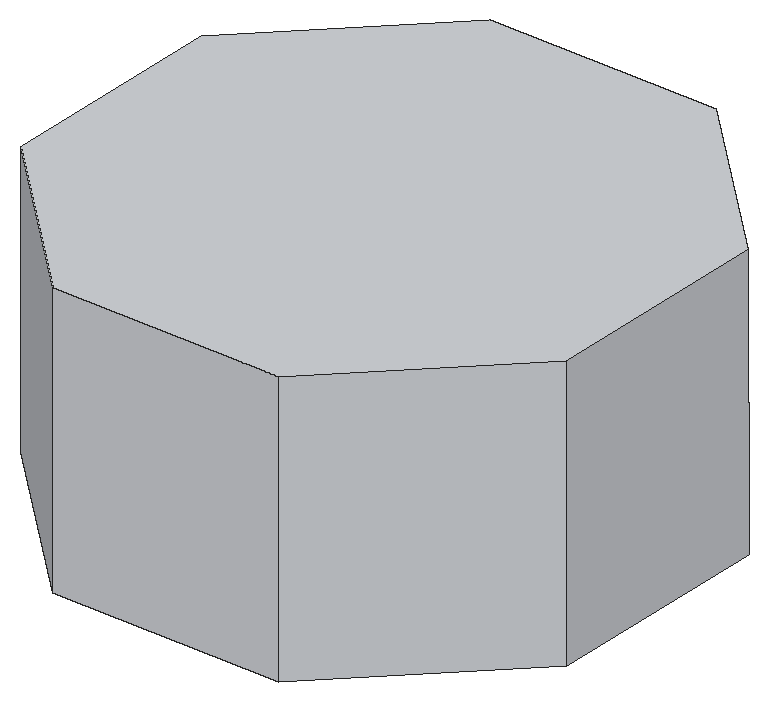
Revit family "M_Caixa exposta - Octogonal - PVC", category Conexões do conduite, Revit 2019
Family settings
  Cota do conector redondo = Usar raio
  Tipo de parte = Múltiplas portas
  Número OmniClass = 23.80.30.17.11
  Título OmniClass = Conduits
  ID de item do Seek = Exposed Box - Octagonal - PVC-0000-CAN-ENU
  Com base no plano de trabalho = Não
  Sempre na vertical = Sim
  Corte com vazios quando carregada = Não
  Compartilhado = Não
Parameters (values of type "Padrão")
  Largura [instance] = Comprimento  # 100 mm
  Raio nominal 4 [instance] = 8 mm
  Raio nominal 3 [instance] = 8 mm
  Raio nominal 2 [instance] = 8 mm
  Raio nominal 1 [instance] = 8 mm
  Diâmetro nominal 4 [instance] = Raio nominal 4 * 2  # 16 mm
  Diâmetro nominal 3 [instance] = Raio nominal 3 * 2  # 16 mm
  Diâmetro nominal 2 [instance] = Raio nominal 2 * 2  # 16 mm
  Diâmetro nominal 1 [instance] = Raio nominal 1 * 2  # 16 mm
  Diâmetro nominal máximo 34 [instance] = if(Diâmetro nominal 3 > Diâmetro nominal 4, Diâmetro nominal 3, Diâmetro nominal 4)  # 16 mm
  Diâmetro nominal máximo 1234 [instance] = if(Diâmetro nominal máximo 12 > Diâmetro nominal máximo 34, Diâmetro nominal máximo 12, Diâmetro nominal máximo 34)  # 16 mm
  Diâmetro nominal máximo 12 [instance] = if(Diâmetro nominal 1 > Diâmetro nominal 2, Diâmetro nominal 1, Diâmetro nominal 2)  # 16 mm
  Comprimento 2 [instance] = 0.5 * Comprimento / (1 + 2 * cos(45.00°))  # 20.711 mm
  Comprimento 1 [instance] = Comprimento * 0.5  # 50 mm
  Comprimento [instance] = if(not(Diâmetro nominal máximo 1234 > 27 mm), 100 mm, 8 * Diâmetro nominal máximo 1234)  # 100 mm
  Altura [instance] = if(not(Diâmetro nominal máximo 1234 > 27 mm), 50 mm, if(Diâmetro nominal máximo 1234 < 155 mm, 155 mm, Diâmetro nominal máximo 1234 * 1.2))  # 50 mm
Reference planes
  plane 1 "Centro (Frente/Trás)": y = 0
  plane 2: z = 0
  plane 3 "Centro (Esquerda/Direita)": x = 0
  plane 4: y = 50
  plane 5: y = -50
  plane 6: z = -25
  plane 7: z = 25
  plane 8: x = -50
  plane 9: x = 50
  plane 10: y = 20.711
  plane 11: y = -20.711
  plane 12: x = -20.711
  plane 13: x = 20.711
Forms (mm)
  Extrusion 1, solid
    sketch origin (0, 0, 0) x (1, 0, 0) y (0, 1, 0)
      loop
        line (-50, 20.711) -> (-50, -20.711) -> (-20.711, -50) -> (20.711, -50) -> (50, -20.711) -> (50, 20.711) -> (20.711, 50) -> (-20.711, 50) -> (-50, 20.711)
    from -25 to 25
Dimensions and locks
  equal spacing: plane 7, plane 2, plane 6
  locked: level to plane 2
  "Altura": plane 7 to plane 6
  "Comprimento 1": plane 8 to plane 3 "Centro (Esquerda/Direita)"
  "Comprimento 1": plane 3 "Centro (Esquerda/Direita)" to plane 9
  "Comprimento 1": plane 4 to plane 1 "Centro (Frente/Trás)"
  "Comprimento 1": plane 1 "Centro (Frente/Trás)" to plane 5
  "Comprimento 2": plane 12 to plane 3 "Centro (Esquerda/Direita)"
  "Comprimento 2": plane 3 "Centro (Esquerda/Direita)" to plane 13
  "Comprimento 2": plane 10 to plane 1 "Centro (Frente/Trás)"
  "Comprimento 2": plane 1 "Centro (Frente/Trás)" to plane 11
  aligned and locked: Extrusion 1 sketch curve to plane 9
  aligned and locked: plane 8 to Extrusion 1 sketch curve  (x2)
  aligned and locked: plane 10 to Extrusion 1 sketch curve  (x2)
  aligned and locked: plane 4 to Extrusion 1 sketch curve  (x2)
  aligned and locked: plane 12 to Extrusion 1 sketch curve  (x2)
  aligned and locked: plane 13 to Extrusion 1 sketch curve  (x2)
  aligned and locked: plane 11 to Extrusion 1 sketch curve  (x2)
  aligned and locked: plane 9 to Extrusion 1 sketch curve
  aligned and locked: plane 5 to Extrusion 1 sketch curve
  aligned and locked: Extrusion 1 to plane 6
  aligned and locked: plane 7 to Extrusion 1
Connectors
  cabletrayconduit at (-50, 0, 0), diameter 16, driven by "Raio nominal 1"
    settings: on Extrusion 1, index 1, connector width 304.8 mm, connector height 304.8 mm, connector angle 0.00°, system type 32, placement type 0, profile type 0, connector reference index 2, is primary connector yes, connector utility param no, connector description ""
  cabletrayconduit at (50, 0, 0), diameter 16, driven by "Raio nominal 2"
    settings: on Extrusion 1, index 2, connector width 304.8 mm, connector height 304.8 mm, connector angle 0.00°, system type 32, placement type 0, profile type 0, connector reference index 1, is primary connector no, connector utility param no, connector description ""
  cabletrayconduit at (0, -50, 0), diameter 16, driven by "Raio nominal 3"
    settings: on Extrusion 1, index 3, connector width 304.8 mm, connector height 304.8 mm, connector angle 0.00°, system type 32, placement type 0, profile type 0, connector reference index 4, is primary connector no, connector utility param no, connector description ""
  cabletrayconduit at (0, 50, 0), diameter 16, driven by "Raio nominal 4"
    settings: on Extrusion 1, index 4, connector width 304.8 mm, connector height 304.8 mm, connector angle 0.00°, system type 32, placement type 0, profile type 0, connector reference index 3, is primary connector no, connector utility param no, connector description ""
